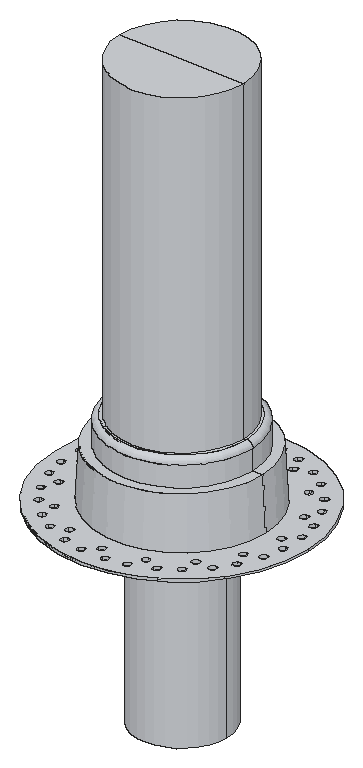
Revit family "Alcon-14121-PL-Revit-Family", category Generic Models, Revit 2021
Family settings
  Can host rebar = No
  Round Connector Dimension = Use Diameter
  Part Type = Normal
  Work Plane-Based = Yes
  Always vertical = Yes
  Cut with Voids When Loaded = No
  Shared = No
  Room Calculation Point = No
Parameters
  Tilting = 90.00°
  Product Identity = "Alcon Light 14121-PL"
  Manufacturer = "Alcon Light"
  Link To Product Page = "https://www.alconlighting.com/alcon-14121-pl-trimless-led-recessed-pull-down-light.html"
  Default Elevation = 4' - 0"
Reference planes (in)
  plane 1 "Center (Front/Back)": y = 0
  plane 2: z = 0
  plane 3 "Center (Left/Right)": x = 0
Dimensions and locks (in)
  nested 2 to nested 2 = 0' - 3 3/8"
  nested 1 to level = 0' - 6 7/8"
  "Tilting": angle nested 2 to plane 2
  aligned and locked: level to plane 2
  aligned and locked: nested 1 to level
Nested families (in)
  nested 1: "Alcon-14121-PL-Driver-Revit-Family" at (0, 0, 0), type "Alcon-14121-PL-Driver-Revit-Family"
  nested 2: "Alcon-14121-PL- Housing-Revit-Family" at (0, 0, 0) x (1, 0, 0) z (0, -1, 0), type "Alcon-14121-PL- Housing-Revit-Family"
Definition of nested family "Alcon-14121-PL-Driver-Revit-Family"
  Parameters (values of type "Alcon-14121-PL-Driver-Revit-Family")
    Housing = none
    Default Elevation = 0' - 0"
  Reference planes (in)
    plane 1 "Center (Front/Back)": y = 0
    plane 2: z = 0
    plane 3 "Center (Left/Right)": x = 0
  Forms (in)
    Revolve 1, solid
      sketch origin (0, 0, 0) x (1, 0, 0) y (0, 0, 1)
        loop
          line (0, 6.79991) -> (0.89437, 6.79991) -> (0.89437, 1.29779) -> (1.1236, 1.29779) -> (1.1236, 0.84478) -> (1.3054, 0.84478) -> (1.35166, -0.03795) -> (1.44939, -0.03795) -> (1.39923, 0.91907) -> (1.22402, 0.91907) -> (1.22402, 1.26867)
          arc (1.22402, 1.26867) -> (1.19435, 1.34031) -> (1.12272, 1.36998) r 0.1013
          line (1.12272, 1.36998) -> (1.07395, 1.36998) -> (1.07395, 6.875) -> (0, 6.875) -> (0, 6.79991)
        loop
          line (0, -0.75) -> (0.25, -0.75) -> (0.25, 2) -> (0, 2) -> (0, -0.75)
        axis (0, 6.875) -> (0, -0.75)
      angle from 0 to 360
    Extrusion 2, solid, material <- "Housing"
      sketch origin (0, 0, 0) x (1, 0, 0) y (0, 1, 0)
        loop
          circle (0, 0) r 2.1875
        loop
          circle (0, -1.73047) r 0.06369
        loop
          circle (0.20641, -1.92001) r 0.06369
        loop
          circle (-0.20641, -1.92001) r 0.06369
        loop
          circle (0, 1.73047) r 0.06369
        loop
          circle (0.20641, 1.92001) r 0.06369
        loop
          circle (-0.20641, 1.92001) r 0.06369
        loop
          circle (-1.73047, 0) r 0.06369
        loop
          circle (-1.92001, -0.20641) r 0.06369
        loop
          circle (-1.92001, 0.20641) r 0.06369
        loop
          circle (1.73047, 0) r 0.06369
        loop
          circle (1.92001, -0.20641) r 0.06369
        loop
          circle (1.92001, 0.20641) r 0.06369
        loop
          circle (-1.22363, -1.22363) r 0.06369
        loop
          circle (-1.2117, -1.50361) r 0.06369
        loop
          circle (-1.50361, -1.2117) r 0.06369
        loop
          circle (1.22363, 1.22363) r 0.06369
        loop
          circle (1.50361, 1.2117) r 0.06369
        loop
          circle (1.2117, 1.50361) r 0.06369
        loop
          circle (-1.22363, 1.22363) r 0.06369
        loop
          circle (-1.50361, 1.2117) r 0.06369
        loop
          circle (-1.2117, 1.50361) r 0.06369
        loop
          circle (1.22363, -1.22363) r 0.06369
        loop
          circle (1.2117, -1.50361) r 0.06369
        loop
          circle (1.50361, -1.2117) r 0.06369
        loop
          circle (-1.59874, -0.66222) r 0.06369
        loop
          circle (-1.69487, -0.92546) r 0.06369
        loop
          circle (-1.85285, -0.54406) r 0.06369
        loop
          circle (1.59874, 0.66222) r 0.06369
        loop
          circle (1.85285, 0.54406) r 0.06369
        loop
          circle (1.69487, 0.92546) r 0.06369
        loop
          circle (-0.66222, 1.59874) r 0.06369
        loop
          circle (-0.92546, 1.69487) r 0.06369
        loop
          circle (-0.54406, 1.85285) r 0.06369
        loop
          circle (0.66222, -1.59874) r 0.06369
        loop
          circle (0.54406, -1.85285) r 0.06369
        loop
          circle (0.92546, -1.69487) r 0.06369
        loop
          circle (-0.66222, -1.59874) r 0.06369
        loop
          circle (-0.54406, -1.85285) r 0.06369
        loop
          circle (-0.92546, -1.69487) r 0.06369
        loop
          circle (0.66222, 1.59874) r 0.06369
        loop
          circle (0.92546, 1.69487) r 0.06369
        loop
          circle (0.54406, 1.85285) r 0.06369
        loop
          circle (-1.59874, 0.66222) r 0.06369
        loop
          circle (-1.85285, 0.54406) r 0.06369
        loop
          circle (-1.69487, 0.92546) r 0.06369
        loop
          circle (1.59874, -0.66222) r 0.06369
        loop
          circle (1.69487, -0.92546) r 0.06369
        loop
          circle (1.85285, -0.54406) r 0.06369
        loop
          circle (0, 0) r 1.4474
      from 0 to 0.03937
  Dimensions and locks (in)
    aligned and locked: level to plane 2
Definition of nested family "Alcon-14121-PL- Housing-Revit-Family"
  Parameters (values of type "Alcon-14121-PL- Housing-Revit-Family")
    Wattage = 9.2903 W
    built-in parameter 1150110 = 1 (stored number, unit not read)
    built-in parameter 1114217 = 1 (stored number, unit not read)
    Tilt Angle = 60.00°
    built-in parameter 1150109 = 1 (stored number, unit not read)
    built-in parameter 1150134 = 3
    built-in parameter 1150113 = 1 (stored number, unit not read)
    built-in parameter 1010507 = 1.5708 (stored number, unit not read)
    built-in parameter 1010506 = 0.5236 (stored number, unit not read)
    built-in parameter 1150105 = 4614.1 (stored number, unit not read)
    Lumens = 1380 lm
    built-in parameter 1150115 = 1 (stored number, unit not read)
    Light Source Symbol Length = 10' - 0"
    built-in parameter 1150137 = (empty or 0)
    built-in parameter 1150139 = (empty or 0)
    built-in parameter 1150112 = 1 (stored number, unit not read)
    built-in parameter 1150114 = 1 (stored number, unit not read)
    built-in parameter 1150132 = (empty or 0)
    built-in parameter 1150102 = (empty or 0)
    built-in parameter 1150107 = 3200 (stored number, unit not read)
    built-in parameter 1150138 = (empty or 0)
    built-in parameter 1150106 = 46.141 (stored number, unit not read)
    built-in parameter 1150104 = 13.8 (stored number, unit not read)
    Dimming Lamp Color Temperature Shift = (empty or 0)
    Default Elevation = 0' - 0"
    Color Filter = 16777215
    built-in parameter 1114218 = 1 (stored number, unit not read)
    built-in parameter 1150133 = 10 (stored number, unit not read)
  Reference planes (in)
    plane 1 "Center (Front/Back)": y = 0
    plane 2: z = 0
    plane 3 "Center (Left/Right)": x = 0
  Forms (in)
    Revolve 1, solid
      sketch origin (0, -3.375, 0) x (0, -1, 0) y (1, 0, 0)
        loop
          line (-3.375, 0.68753) -> (0, 0.68753) -> (0, 0.78) -> (-3.375, 0.78) -> (-3.375, 0.68753)
        axis (0, 0) -> (-3.375, 0)
      angle from 0 to 360
    Revolve 2, solid
      sketch origin (0, -3.375, 0) x (0, -1, 0) y (1, 0, 0)
        loop
          line (-2.34685, 0.68753) -> (-2.34685, 0) -> (-0.69575, 0) -> (-0.69575, 0.608) -> (-1.2255, 0.608) -> (-1.2255, 0.26558)
          arc (-1.2255, 0.26558) -> (-1.75086, 0.5704) -> (-2.34685, 0.68753) r 1.8397
        axis (-0.69575, 0) -> (-2.34685, 0)
      angle from 0 to 360
  Lines and regions (in)
    reference lines
      curve 1: line (0, -4.13386, 0) -> (0, 0, 0)
  Dimensions and locks (in)
    Revolve 1 sketch curve to Revolve 1 sketch curve = 0' - 0.09247"
    aligned and locked: level to plane 2
    aligned and locked: plane 1 "Center (Front/Back)" to curve 1
    aligned and locked: curve 1 to Revolve 1 sketch curve
    aligned and locked: curve 1 to Revolve 2 sketch curve
